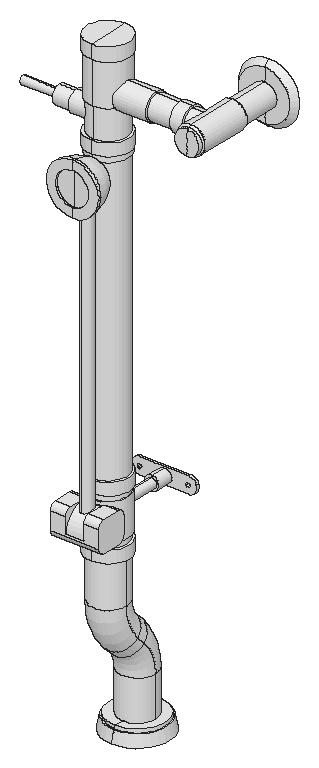
Revit family "Bedpan_Washer-American_Standard-Straight-6047.861_6047.821", category Plumbing Fixtures, Revit 2014
Parameters (values of type "6047.821.002")
  Width = 1 1/2"
  Waste Connection = no
  Warranty Information = "1 Year Limited Warranty"
  WFU = 0
  Vent Connection = no
  URL = "http://www.americanstandard-us.com/"
  Revised Date = "01/18/2017"
  Product Page URL = "https://www.americanstandard-us.com/bathroom/commercial-flushometers/bedpan-washer-kit-with-offset-down-tube-128-gpf-23087"
  Product Documentation Link = "https://www.americanstandard-us.com/-/media/sites/asus/files/product-specs/bulk/specsheet6047821.pdf?la=en"
  Price = "Prices may vary. Please consult Manufacturer Representative for most up-to-date price list."  # constant formula
  Model = "6047.821.002"
  Material = "Metal-American Standard-002-Polished Chrome"
  Manufacturer = "American Standard"
  Length = 3"
  Installation Type = "Surface Mounted"
  Height = 26 3/8"
  HWFU = 0
  HW Connection = no
  Flush Rate = "1.28 gpf"
  Description = "Bedpan Washer Diverted Assembly Kit Offset."
  Default Elevation = 0"
  Creation Date = "16/04/2014"
  Cold Water Connection Width = 4 1/4"
  Cold Water Connection Radius = 1/2"
  Cold Water Connection Height = 24 3/8"
  Cold Water Connection Diameter = Cold Water Connection Radius * 2  # 1"
  CWFU = 10
  CW Connection = yes
Types (3): name | Product Page URL | Product Documentation Link | Model | Flush Rate
  (no name) | "https://www.americanstandard-us.com/bathroom/commercial-flushometers/bedpan-washer-kit-with-offset-down-tube-128-gpf-23087" | "https://www.americanstandard-us.com/-/media/sites/asus/files/product-specs/bulk/specsheet6047821.pdf?la=en" | "6047.821.002" | "1.28 gpf"
  6047.821.002 | "https://www.americanstandard-us.com/bathroom/commercial-flushometers/bedpan-washer-kit-with-offset-down-tube-128-gpf-23087" | "https://www.americanstandard-us.com/-/media/sites/asus/files/product-specs/bulk/specsheet6047821.pdf?la=en" | "6047.821.002" | "1.28 gpf"
  6047.861.002 | "https://www.americanstandard-us.com/bathroom/commercial-flushometers/bedpan-washer-kit-with-offset-down-tube-16-gpf-23083" | "https://www.americanstandard-us.com/-/media/sites/asus/files/product-specs/bulk/specsheet6047861.pdf?la=en" | "6047.861.002" | "1.6 gpf"
Reference planes (in)
  plane 1 "Center (Front/Back)": y = 0
  plane 2: z = 0
  plane 3 "Center (Left/Right)": x = 0
  plane 4: z = 8.75
  plane 5: z = 22.8125
  plane 6: z = 21.4375
  plane 7: z = 24.375
  plane 8: z = 26.375
  plane 9: x = 4.25
  plane 10: y = 3
  plane 11: y = -0.75
  plane 12: y = 0.75
  plane 13: x = 3
  plane 14: x = 3.5
  plane 15: x = 2
  plane 16: y = 1.11477
  plane 17: y = -1.25
  plane 18: y = -1.0245
  plane 19: y = -1.10054
  plane 20: y = 1.19081
  plane 21: y = 2.89526
  plane 22: z = 8.46389
  plane 23: y = 1.5
  plane 24: y = 2.8125
  plane 25: y = 2.64409
  plane 26: y = 2.72568
Forms (in)
  Revolve 1, solid, material "Metal-American Standard-002-Polished Chrome"
    sketch origin (0, 8.125, 0) x (0, 1, 0) y (0, 0, 1)
      loop
        line (-9.21875, 8.43821) -> (-8.96875, 8.43821) -> (-8.96875, 21.4375) -> (-9.21875, 21.4375) -> (-9.21875, 8.43821)
      axis (-9.21875, 8.43821) -> (-9.21875, 21.4375)
    angle from 0 to 360
  Extrusion 2, solid, material "Metal-American Standard-002-Polished Chrome"
    sketch origin (-1, 8.125, 0) x (0, 1, 0) y (0, 0, 1)
      loop
        line (-8.59375, 8.375) -> (-8.59375, 9.125)
        arc (-8.59375, 9.125) -> (-8.66697, 9.30178) -> (-8.84375, 9.375) r 0.25
        line (-8.84375, 9.375) -> (-9.59375, 9.375)
        arc (-9.59375, 9.375) -> (-9.77053, 9.30178) -> (-9.84375, 9.125) r 0.25
        line (-9.84375, 9.125) -> (-9.84375, 8.375)
        arc (-9.84375, 8.375) -> (-9.77053, 8.19822) -> (-9.59375, 8.125) r 0.25
        line (-9.59375, 8.125) -> (-8.84375, 8.125)
        arc (-8.84375, 8.125) -> (-8.66697, 8.19822) -> (-8.59375, 8.375) r 0.25
    from 0 to 2
  Revolve 3, solid, material "Metal-American Standard-002-Polished Chrome"
    sketch origin (0, 8.125, 0) x (0, 1, 0) y (0, 0, 1)
      loop
        line (-8.96875, 21.4375) -> (-8.96875, 22.1875)
        arc (-8.96875, 22.1875) -> (-9.39804, 22.38171) -> (-9.85173, 22.50888) r 3.11198
        line (-9.85173, 22.50888) -> (-9.97673, 22.50888) -> (-9.97673, 22.12833) -> (-9.90571, 22.12833) -> (-9.90571, 21.4375) -> (-8.96875, 21.4375)
      axis (-9.97673, 21.4375) -> (-8.96875, 21.4375)
    angle from 0 to 360
  Extrusion 4, void
    sketch origin (-0.375, 8.125, 0) x (0, 1, 0) y (0, 0, 1)
      loop
        line (-8.96875, 9.375) -> (-9.59375, 9.375)
        arc (-9.59375, 9.375) -> (-9.77053, 9.30178) -> (-9.84375, 9.125) r 0.25
        line (-9.84375, 9.125) -> (-9.84375, 8.5)
        arc (-9.84375, 8.5) -> (-9.58747, 9.11872) -> (-8.96875, 9.375) r 0.875
    from 0 to 0.75
  Revolve 5, solid, material "Metal-American Standard-002-Polished Chrome"
    sketch origin (0, 0, -0.11719) x (1, 0, 0) y (0, 0, 1)
      loop
        line (0, 23.5625) -> (0, 24) -> (-1.29053, 24) -> (-1.29053, 23.9375) -> (-2, 23.9375) -> (-2, 23.76563) -> (-2.02532, 23.71133) -> (-3.5, 23.73707) -> (-3.5, 23.5625) -> (0, 23.5625)
      axis (-3.5, 23.5625) -> (0, 23.5625)
    angle from 0 to 360
  Revolve 6, solid, material "Metal-American Standard-002-Polished Chrome"
    sketch origin (0, 0, 0) x (1, 0, 0) y (0, 0, 1)
      loop
        line (0, 24.375) -> (0, 23.8125) -> (2, 23.8125) -> (2, 23.875) -> (3, 23.875) -> (3, 23.8125) -> (3.5, 23.8125) -> (3.5, 23.875) -> (4.25, 23.875) -> (4.25, 24.375) -> (0, 24.375)
      axis (0, 24.375) -> (4.25, 24.375)
    angle from 0 to 360
  Revolve 7, solid, material "Metal-American Standard-002-Polished Chrome"
    sketch origin (4.25, -180, 25.625) x (0, 0, 1) y (0, -1, 0)
      loop
        line (-1.25, -178.75) -> (-1.25, -183) -> (0, -183) -> (-0.20245, -182.75) -> (-0.75, -182.75) -> (-0.75, -181.19081) -> (-0.67396, -181.11477) -> (-0.67396, -178.9755) -> (-0.75, -178.89946) -> (-0.75, -178.75) -> (-1.25, -178.75)
      axis (-1.25, -178.75) -> (-1.25, -183)
    angle from 0 to 360
  Revolve 8, solid, material "Metal-American Standard-002-Polished Chrome"
    sketch origin (0, 8.125, 0) x (0, 1, 0) y (0, 0, 1)
      loop
        line (-7.375, 8) -> (-7.3125, 8) -> (-7.3125, 9.5) -> (-7.375, 9.5) -> (-7.375, 9.75) -> (-7.25, 9.75) -> (-7.25, 10.25) -> (-7.375, 10.25) -> (-7.375, 22.0625) -> (-7.3125, 22.0625) -> (-7.3125, 22.3125) -> (-7.25, 22.3125) -> (-7.25, 22.8125) -> (-7.375, 22.8125) -> (-7.375, 24.0625) -> (-7.3125, 24.0625) -> (-7.3125, 25.8125) -> (-7.25, 25.8125) -> (-7.25, 26.375) -> (-8.125, 26.375) -> (-8.125, 7.25) -> (-7.25, 7.25) -> (-7.25, 7.75) -> (-7.375, 7.75) -> (-7.375, 8)
      axis (-8.125, 26.375) -> (-8.125, 7.25)
    angle from 0 to 360
  Revolve 9, solid, material "Metal-American Standard-002-Polished Chrome"
    sketch origin (0, -180, 25.625) x (0, 0, 1) y (0, -1, 0)
      loop
        line (-16.875, -183) -> (-16.875, -180) -> (-17.06278, -180) -> (-17.06278, -182.25) -> (-17.16111, -182.25) -> (-17.16111, -183) -> (-16.875, -183)
      axis (-16.875, -180) -> (-16.875, -183)
    angle from 0 to 360
  Extrusion 10, solid, material "Metal-American Standard-002-Polished Chrome"
    sketch origin (0, 0, 0) x (1, 0, 0) y (0, 0, 1)
      loop
        arc (-1, 9.09117) -> (-1.34117, 8.75) -> (-1, 8.40883) r 0.34117
        line (-1, 8.40883) -> (1, 8.40883)
        arc (1, 8.40883) -> (1.34117, 8.75) -> (1, 9.09117) r 0.34117
        line (1, 9.09117) -> (-1, 9.09117)
      loop
        circle (1, 8.75) r 0.09375
      loop
        circle (-1, 8.75) r 0.09375
    from -3 to -2.89526
  Revolve 11, solid, material "Metal-American Standard-002-Polished Chrome"
    sketch origin (0, -180, 25.625) x (0, 0, 1) y (0, -1, 0)
      loop
        line (-25.625, -181.5) -> (-25.625, -182.8125) -> (-25.1326, -182.72568) -> (-25.1326, -182.64409) -> (-25.0076, -182.64409) -> (-25.0076, -181.5) -> (-25.625, -181.5)
      axis (-25.0076, -181.5) -> (-25.625, -181.5)
    angle from 0 to 360
  Sweep 12, solid, material "Metal-American Standard-002-Polished Chrome"
    path origin (0, -180, 25.625) x (0, 0, 1) y (0, -1, 0)
      loop
        line (-18.375, -180) -> (-20.17917, -180)
        arc (-20.17917, -180) -> (-20.94454, -180.15224) -> (-21.59338, -180.58579) r 2
        line (-21.59338, -180.58579) -> (-21.92181, -180.91421)
        arc (-21.92181, -180.91421) -> (-22.57066, -181.34776) -> (-23.33602, -181.5) r 2
        line (-23.33602, -181.5) -> (-25.0076, -181.5)
    profile origin (0, 0, 6.34792) x (1, 0, 0) y (0, 1, 0)
      loop
        circle (0, 0) r 0.75
Cuts and joins
  Extrusion 4 cuts Extrusion 2
  joined: Revolve 1, Extrusion 2, Revolve 3, Revolve 5, Revolve 6, Revolve 7, Revolve 8, Revolve 9, Revolve 11, Sweep 12
Lines and regions (in)
  Masking region 1
    outline origin (0, 0, 0) x (1, 0, 0) y (0, 1, 0)
      loop
        line (-1.07148, -1.85173) -> (1.07148, -1.85173) -> (1.07148, -1.72673)
        arc (1.07148, -1.72673) -> (1.03939, -1.58051) -> (1, -1.43608) r 2.98195
        line (1, -1.43608) -> (1, -0.5625) -> (2, -0.5625) -> (2, -0.4999) -> (3, -0.4999) -> (3, -0.5625) -> (3.5, -0.5625) -> (3.5, -0.4999) -> (3.67396, -0.4999) -> (3.67396, -1.0245) -> (3.75, -1.10054) -> (3.75, -1.25) -> (4.75, -1.25) -> (4.75, -1.10054) -> (4.82604, -1.0245) -> (4.82604, 1.11477) -> (4.75, 1.19081) -> (4.75, 2.75) -> (5.29755, 2.75) -> (5.5, 3) -> (3, 3) -> (3.20245, 2.75) -> (3.75, 2.75) -> (3.75, 1.19081) -> (3.67396, 1.11477) -> (3.67396, 0.5) -> (3.5, 0.5) -> (3.5, 0.5625) -> (3, 0.5625) -> (3, 0.5) -> (2, 0.5) -> (2, 0.5625) -> (0.91856, 0.5625)
        arc (0.91856, 0.5625) -> (1.26221, 1.85984) -> (0.28611, 2.78094) r 1.3125
        arc (0.28611, 2.78094) -> (-1.19649, 2.0395) -> (-0.77055, 0.4375) r 1.3125
        line (-0.77055, 0.4375) -> (-1.29053, 0.4375) -> (-1.29053, 0.375) -> (-2, 0.375) -> (-2, 0.20312) -> (-2.02532, 0.14883)
        arc (-2.02532, 0.14883) -> (-2.76269, 0.16014) -> (-3.5, 0.17457) r 175.10878
        line (-3.5, 0.17457) -> (-3.5, -0.17457)
        arc (-3.5, -0.17457) -> (-2.76263, -0.16329) -> (-2.02532, -0.14883) r 170.58581
        line (-2.02532, -0.14883) -> (-2, -0.20313) -> (-2, -0.375) -> (-1.29053, -0.375) -> (-1.29053, -0.4375) -> (-1, -0.4375) -> (-1, -1.43608)
        arc (-1, -1.43608) -> (-1.03939, -1.58051) -> (-1.07148, -1.72673) r 2.98195
        line (-1.07148, -1.72673) -> (-1.07148, -1.85173)
  Masking region 2
    outline origin (0, 0, 0) x (1, 0, 0) y (0, 1, 0)
      loop
        line (1.34117, 3) -> (-1.34117, 3) -> (-1.34117, 2.89526) -> (-0.28611, 2.89526) -> (-0.28611, 2.25) -> (-0.18849, 2.25) -> (-0.18849, 0.85446)
        arc (-0.18849, 0.85446) -> (0, 0.875) -> (0.18849, 0.85446) r 0.875
        line (0.18849, 0.85446) -> (0.18849, 2.25) -> (0.28611, 2.25) -> (0.28611, 2.89526) -> (1.34117, 2.89526) -> (1.34117, 3)
  symbolic lines, detail levels medium+fine
    curve 1: line (-1.29053, 0.375, 0) -> (-1.29053, -0.375, 0)
    curve 2: line (-2, 0.20312, 0) -> (-2, -0.20313, 0)
    curve 3: line (2, -0.5, 0) -> (2, 0.5, 0)
    curve 4: circle (0, 0, 0) r 0.875 normal (0, 0, 1)
    curve 5: arc (-1, -1.45094, 0) -> (-0.89282, -1.14001, 0) -> (-0.75, -0.84375, 0) r 2.8068
    curve 6: line (-0.75, -0.84375, 0) -> (-0.23176, -0.84375, 0)
    curve 7: line (0.75, -0.84375, 0) -> (0.23176, -0.84375, 0)
    curve 8: arc (0.75, -0.84375, 0) -> (0.89195, -1.1364, 0) -> (1, -1.44318, 0) r 2.88101
    curve 10: line (1.18585, 0.5625, 0) -> (0.67024, 0.5625, 0)
    curve 11: line (1.18585, -0.5625, 0) -> (0.67024, -0.5625, 0)
    curve 12: line (-1.23744, -0.4375, 0) -> (-0.75777, -0.4375, 0)
    curve 13: line (-1.23744, 0.4375, 0) -> (-0.75777, 0.4375, 0)
    curve 18: arc (0.75, 1.5, 0) -> (0.59301, 1.95917, 0) -> (0.18778, 2.22611, 0) r 0.75
    curve 19: arc (-0.75, 1.5, 0) -> (-0.59301, 1.95917, 0) -> (-0.18778, 2.22611, 0) r 0.75
    curve 20: line (-0.75, 1.5, 0) -> (-0.75, 0.45069, 0)
    curve 21: line (0.75, 1.5, 0) -> (0.75, 0.5625, 0)
    curve 28: line (0.18849, 2.25, 0) -> (-0.18849, 2.25, 0)
    curve 29: line (-0.28611, 2.89526, 0) -> (0.28611, 2.89526, 0)
    curve 30: line (3, -0.4999, 0) -> (3, 0.5, 0)
    curve 31: line (3.5, -0.4999, 0) -> (3.5, 0.5, 0)
    curve 32: line (3.75, 2.75, 0) -> (4.75, 2.75, 0)
  symbolic lines, detail levels fine
    curve 9: line (1.07248, -1.72673, 0) -> (-1.07121, -1.72673, 0)
    curve 14: line (-2.02532, 0.14883, 0) -> (-2.02532, -0.14883, 0)
    curve 15: line (-1, -0.46875, 0) -> (-0.73885, -0.46875, 0)
    curve 16: line (-1, -0.46875, 0) -> (-1, -0.85009, 0)
    curve 17: line (1, -0.8533, 0) -> (1, -0.5625, 0)
    curve 22: arc (0.75, 0.63603, 0) -> (1.11368, 1.76202, 0) -> (0.28611, 2.60774, 0) r 1.14409
    curve 23: arc (-0.75, 0.53058, 0) -> (-1.19905, 1.75408, 0) -> (-0.29235, 2.6903, 0) r 1.22568
    curve 24: arc (-0.28611, 2.60774, 0) -> (-1.11368, 1.76202, 0) -> (-0.75, 0.63603, 0) r 1.14409
    curve 25: arc (0.28611, 2.60774, 0) -> (0, 2.64409, 0) -> (-0.28611, 2.60774, 0) r 1.14409
    curve 26: arc (-0.29235, 2.6903, 0) -> (-0.00321, 2.72567, 0) -> (0.28611, 2.69181, 0) r 1.22568
    curve 27: arc (0.28611, 2.69181, 0) -> (1.19279, 1.78201, 0) -> (0.78954, 0.5625, 0) r 1.22568
    curve 33: line (4.82604, 1.11477, 0) -> (3.67396, 1.11477, 0)
    curve 34: line (4.75, 1.19081, 0) -> (3.75, 1.19081, 0)
    curve 35: line (4.82604, -1.0245, 0) -> (3.67396, -1.0245, 0)
    curve 36: line (3.75, -1.10054, 0) -> (4.75, -1.10054, 0)
Dimensions and locks (in)
  plane 4 to plane 2 = 8 3/4"
  plane 5 to plane 4 = 14 1/16"
  "Cold Water Connection Height": plane 7 to plane 2
  "Height": plane 8 to plane 2
  "Cold Water Connection Width": plane 9 to plane 3 "Center (Left/Right)"
  plane 6 to plane 4 = 12 11/16"
  "Width": plane 12 to plane 11
  plane 9 to plane 14 to plane 13 = 3/4" locked, 1/2" locked
  locked: plane 15 to plane 3 "Center (Left/Right)" at 2
  "Length": plane 10 to plane 1 "Center (Front/Back)"
  plane 20 to plane 16 to plane 1 "Center (Front/Back)" to plane 18 to plane 19 to plane 17 = 0.07604" locked, 1.11477" locked, 1.0245" locked, 0.07604" locked, 0.14946" locked
  locked: plane 10 to plane 21 at 0.10474
  plane 23 to plane 1 "Center (Front/Back)" = 1 1/2"
  plane 24 to plane 26 to plane 25 to plane 23 = 0.08682" locked, 0.08159" locked, 1.14409" locked
  aligned and locked: Revolve 7 sketch curve to plane 7
  aligned and locked: plane 13 to Revolve 6 sketch curve
  aligned and locked: Revolve 6 sketch curve to plane 14
  aligned and locked: Revolve 6 sketch curve to plane 15
  aligned and locked: plane 3 "Center (Left/Right)" to Revolve 6 sketch curve
  aligned and locked: plane 17 to Revolve 7 sketch curve
  aligned and locked: plane 16 to Revolve 7 sketch curve
  aligned and locked: plane 20 to Revolve 7 sketch curve
  aligned and locked: plane 18 to Revolve 7 sketch curve
  aligned and locked: plane 19 to Revolve 7 sketch curve
  aligned and locked: plane 10 to Extrusion 10
  aligned and locked: Extrusion 10 to plane 21
  aligned and locked: Revolve 9 sketch curve to plane 1 "Center (Front/Back)"
  aligned and locked: plane 22 to Revolve 9 sketch curve
  aligned and locked: plane 10 to Revolve 9 sketch curve
  aligned and locked: Masking region 1 sketch curve to Revolve 3
  aligned and locked: Revolve 5 to Masking region 1 sketch curve  (x2)
  aligned and locked: Masking region 1 sketch curve to Revolve 5  (x3)
  aligned and locked: Revolve 6 to Masking region 1 sketch curve  (x2)
  aligned and locked: Masking region 1 sketch curve to Revolve 7  (x3)
  aligned and locked: Masking region 1 sketch curve to Revolve 6  (x3)
  aligned and locked: Revolve 7 to Masking region 1 sketch curve
  aligned and locked: Revolve 5 to curve 1
  aligned and locked: Revolve 5 to curve 2
  aligned and locked: curve 3 to Revolve 6
  aligned and locked: curve 4 to cut or joined group 1 (Revolve 1, Extrusion 2, Revolve 3, Extrusion 4, Revolve 5, Revolve 6, Revolve 7, Revolve 8, Revolve 9, Revolve 11, Sweep 12)
  aligned and locked: Masking region 1 sketch curve to cut or joined group 1  (x2)
  aligned and locked: curve 18 to cut or joined group 1
  aligned and locked: curve 22 to cut or joined group 1
  aligned and locked: curve 23 to cut or joined group 1
  aligned and locked: Revolve 11 sketch curve to plane 25
  aligned and locked: plane 26 to Revolve 11 sketch curve
  aligned and locked: plane 24 to Revolve 11 sketch curve
  aligned and locked: cut or joined group 1 to curve 28
  aligned and locked: Extrusion 10 to curve 29
  aligned and locked: curve 30 to Revolve 6
  aligned and locked: curve 31 to Revolve 6
  aligned and locked: curve 32 to Revolve 7
  aligned and locked: Masking region 2 sketch curve to Masking region 2 sketch curve
Automatic sketch dimensions
  Revolve 1 sketch curve to plane 6 = 0"
  plane 11 to Revolve 1 sketch curve = 11/32"
  plane 11 to Revolve 1 sketch curve = 3/32"
  Revolve 1 sketch curve to plane 4 = 0.31179"
  Revolve 1 sketch curve to Revolve 1 sketch curve = 0"
  plane 6 to Revolve 1 sketch curve = 1/4"
  Revolve 1 sketch curve to Revolve 1 sketch curve = 0.35905"
  Extrusion 2 sketch curve to plane 4 = 3/8"
  plane 11 to Extrusion 2 sketch curve = 31/32"
  Extrusion 2 sketch curve to Extrusion 2 sketch curve = 1/4"  (x3)
  Extrusion 2 sketch curve to plane 11 = 1/32"  (x2)
  plane 4 to Extrusion 2 sketch curve = 3/8"
  Revolve 3 sketch curve to plane 6 = 0"  (x2)
  plane 11 to Revolve 3 sketch curve = 1.5874"
  plane 11 to Revolve 3 sketch curve = 1.10173"
  Revolve 3 sketch curve to Revolve 3 sketch curve = 0.07102"
  Revolve 3 sketch curve to Revolve 3 sketch curve = 1/8"
  plane 11 to Revolve 3 sketch curve = 3/32"
  Revolve 3 sketch curve to plane 6 = 1.9801"
  Revolve 3 sketch curve to plane 5 = 0.68417"
  Revolve 3 sketch curve to plane 5 = 5/8"
  Revolve 3 sketch curve to plane 11 = 0.08759"
  Revolve 3 sketch curve to Revolve 3 sketch curve = 1/4"
  plane 4 to Extrusion 4 sketch curve = 3/8"
  plane 11 to Extrusion 4 sketch curve = 31/32"
  Extrusion 4 sketch curve to Extrusion 4 sketch curve = 1/4"
  plane 11 to Extrusion 4 sketch curve = 3/32"
  Extrusion 4 sketch curve to plane 4 = 1/4"
  Extrusion 4 sketch curve to Extrusion 4 sketch curve = 0"  (x3)
  Revolve 5 sketch curve to plane 3 "Center (Left/Right)" = 0"
  Revolve 5 sketch curve to plane 7 = 71/128"
  Revolve 5 sketch curve to plane 3 "Center (Left/Right)" = 1.29053"
  Revolve 5 sketch curve to plane 7 = 93/128"
  Revolve 5 sketch curve to Revolve 5 sketch curve = 0.70947"
  Revolve 5 sketch curve to plane 7 = 0.78086"
  Revolve 5 sketch curve to Revolve 5 sketch curve = 0.02532"
  Revolve 5 sketch curve to Revolve 5 sketch curve = 1.47468"
  plane 5 to Revolve 5 sketch curve = 81/128"
  Revolve 5 sketch curve to Revolve 5 sketch curve = 0.17457"
  Revolve 5 sketch curve to Revolve 5 sketch curve = 1/16"
  plane 3 "Center (Left/Right)" to Revolve 5 sketch curve = 0.13236"
  Revolve 5 sketch curve to Revolve 5 sketch curve = 0.84457"
  Revolve 5 sketch curve to Revolve 5 sketch curve = 0"
  Revolve 6 sketch curve to plane 9 = 0"
  Revolve 6 sketch curve to plane 7 = 0"  (x2)
  Revolve 6 sketch curve to plane 7 = 1/2"
  Revolve 6 sketch curve to Revolve 6 sketch curve = 1/2"
  Revolve 6 sketch curve to Revolve 6 sketch curve = 1/16"
  Revolve 6 sketch curve to Revolve 6 sketch curve = 9/16"
  Revolve 6 sketch curve to Revolve 6 sketch curve = 0.3017"
  Revolve 6 sketch curve to Revolve 6 sketch curve = 0.20826"
  Revolve 8 sketch curve to plane 1 "Center (Front/Back)" = 0"  (x2)
  Revolve 8 sketch curve to plane 12 = 0"  (x4)
  Revolve 8 sketch curve to plane 5 = 0"
  Revolve 8 sketch curve to plane 8 = 0"
  Revolve 8 sketch curve to Revolve 8 sketch curve = 1/16"  (x3)
  plane 12 to Revolve 8 sketch curve = 1/16"
  Revolve 8 sketch curve to Revolve 8 sketch curve = 1/8"  (x2)
  plane 12 to Revolve 8 sketch curve = 1/8"
  Revolve 8 sketch curve to plane 5 = 1/2"
  Revolve 8 sketch curve to Revolve 8 sketch curve = 1/4"  (x4)
  plane 4 to Revolve 8 sketch curve = 1 1/2"
  Revolve 8 sketch curve to Revolve 8 sketch curve = 1/2"  (x2)
  Revolve 8 sketch curve to plane 4 = 3/4"
  Revolve 8 sketch curve to plane 7 = 5/16"
  Revolve 8 sketch curve to plane 8 = 9/16"
  Revolve 8 sketch curve to Revolve 8 sketch curve = 1 1/4"
  Extrusion 10 sketch curve to Extrusion 10 sketch curve = 0"  (x4)
  Extrusion 10 sketch curve to plane 4 = 0"
  plane 4 to Extrusion 10 sketch curve = 0.34117"
  Extrusion 10 sketch curve to plane 3 "Center (Left/Right)" = 1"
  plane 3 "Center (Left/Right)" to Extrusion 10 sketch curve = 1"
  Sweep 12 sketch curve to plane 23 = 0"
  Sweep 12 sketch curve to plane 1 "Center (Front/Back)" = 0"
  level to Sweep 12 sketch curve = 2.28898"
  plane 12 to Sweep 12 sketch curve = 0.16421"
  Sweep 12 sketch curve to Sweep 12 sketch curve = 1.41421"
  Sweep 12 sketch curve to plane 12 = 0.16421"
  Sweep 12 sketch curve to Sweep 12 sketch curve = 0.32843"
  plane 23 to Sweep 12 sketch curve = 1/2"
  level to Sweep 12 sketch curve = 0.6174"
  Sweep 12 sketch curve to plane 4 = 1 1/2"
  profile plane to Sweep 12 sketch curve = 0"
  Sweep 12 sketch curve to profile plane = 0"
  Revolve 7 sketch curve to plane 7 = 0"
  Revolve 7 sketch curve to plane 10 = 0"
  plane 7 to Revolve 7 sketch curve = 1/2"  (x2)
  Revolve 7 sketch curve to Revolve 7 sketch curve = 0.07604"
  Revolve 7 sketch curve to plane 21 = 0.14526"
  Revolve 7 sketch curve to Revolve 7 sketch curve = 0.54755"
  Revolve 7 sketch curve to Revolve 7 sketch curve = 0.20245"
  Revolve 7 sketch curve to Revolve 7 sketch curve = 1/4"
  Revolve 7 sketch curve to Revolve 7 sketch curve = 0.32308"
  Revolve 9 sketch curve to plane 4 = 0"  (x2)
  Revolve 9 sketch curve to plane 10 = 0"
  Revolve 9 sketch curve to plane 22 = 0.09833"
  Revolve 9 sketch curve to plane 21 = 0.64526"
  plane 10 to Revolve 9 sketch curve = 2 1/4"
  Revolve 11 sketch curve to plane 23 = 0"  (x2)
  Revolve 11 sketch curve to level = 0"
  level to Revolve 11 sketch curve = 0.4924"
  Revolve 11 sketch curve to Revolve 11 sketch curve = 1/8"
  Revolve 11 sketch curve to Revolve 11 sketch curve = 1/2"
  Revolve 11 sketch curve to Revolve 11 sketch curve = 0.1326"
  Masking region 1 sketch curve to plane 3 "Center (Left/Right)" = 5.73976"
  plane 1 "Center (Front/Back)" to Masking region 1 sketch curve = 0.14883"
  Masking region 1 sketch curve to Masking region 1 sketch curve = 0.02532"  (x2)
  Masking region 1 sketch curve to plane 1 "Center (Front/Back)" = 0.14883"
  Masking region 1 sketch curve to Masking region 1 sketch curve = 0.85627"
  Masking region 1 sketch curve to Masking region 1 sketch curve = 0.07148"  (x2)
  Masking region 1 sketch curve to plane 12 = 5/16"
  plane 3 "Center (Left/Right)" to Masking region 1 sketch curve = 0.29338"
  Masking region 1 sketch curve to plane 12 = 3/16"
  Masking region 1 sketch curve to plane 11 = 3/16"  (x2)
  plane 3 "Center (Left/Right)" to Masking region 1 sketch curve = 1"
  Masking region 1 sketch curve to Masking region 1 sketch curve = 0.78479"
  Masking region 1 sketch curve to plane 12 = 1/4"  (x2)
  Masking region 1 sketch curve to Masking region 1 sketch curve = 0"
  Masking region 1 sketch curve to plane 9 = 1 1/4"
  Masking region 1 sketch curve to Masking region 1 sketch curve = 0.20245"  (x2)
  Masking region 1 sketch curve to plane 9 = 0.57604"
  Masking region 1 sketch curve to Masking region 1 sketch curve = 0.17396"
  Masking region 1 sketch curve to plane 9 = 1/2"
  Masking region 1 sketch curve to Masking region 1 sketch curve = 0.07604"  (x6)
  plane 9 to Masking region 1 sketch curve = 1/2"  (x2)
  Masking region 1 sketch curve to Masking region 1 sketch curve = 0.54755"
  Masking region 1 sketch curve to Masking region 1 sketch curve = 0.44095"  (x2)
  Masking region 1 sketch curve to Masking region 1 sketch curve = 1/8"  (x2)
  Masking region 1 sketch curve to Masking region 1 sketch curve = 0.14946"  (x2)
  Masking region 1 sketch curve to Masking region 1 sketch curve = 0.0626"  (x2)
  Masking region 1 sketch curve to plane 11 = 5/16"
  Masking region 1 sketch curve to Masking region 1 sketch curve = 1/16"  (x2)
  Masking region 1 sketch curve to Masking region 1 sketch curve = 0.0543"  (x2)
  plane 1 "Center (Front/Back)" to Masking region 1 sketch curve = 0.17457"
  Masking region 1 sketch curve to plane 1 "Center (Front/Back)" = 0.17457"
  Masking region 1 sketch curve to Masking region 1 sketch curve = 11/64"
  plane 12 to Masking region 1 sketch curve = 0.36477"  (x2)
  plane 3 "Center (Left/Right)" to Masking region 1 sketch curve = 0.28611"
  curve 18 to curve 19 = 0"  (x2)
  curve 18 to curve 24 = 0"  (x2)
  curve 18 to curve 25 = 0"  (x2)
  curve 18 to curve 26 = 0"  (x2)
  curve 18 to curve 27 = 0"  (x2)
  curve 8 to plane 3 "Center (Left/Right)" = 1.76708"
  curve 1 to curve 16 = 0.29053"
  curve 20 to plane 3 "Center (Left/Right)" = 3/4"
  curve 16 to curve 6 = 1/4"
  plane 3 "Center (Left/Right)" to curve 7 = 3/4"
  curve 7 to curve 5 = 0.9526"
  curve 16 to plane 11 = 9/32"
  curve 6 to curve 15 = 3/8"
  plane 1 "Center (Front/Back)" to curve 7 = 27/32"
  plane 11 to curve 5 = 1.45863"
  plane 11 to curve 8 = 1.49538"
  curve 14 to curve 2 = 0.02532"
  curve 1 to curve 12 = 0.0531"
  curve 1 to curve 13 = 0.0531"
  curve 8 to curve 9 = 0.69587"
  curve 9 to curve 5 = 0.07121"
  curve 13 to curve 20 = 0.00777"
  curve 12 to curve 15 = 0.01892"
  curve 23 to plane 3 "Center (Left/Right)" = 0.29235"
  curve 26 to curve 25 = 0.00624"
  curve 29 to plane 3 "Center (Left/Right)" = 0.28611"
  curve 28 to plane 3 "Center (Left/Right)" = 0.18849"
  curve 19 to plane 3 "Center (Left/Right)" = 0.18778"
  plane 3 "Center (Left/Right)" to curve 18 = 0.18778"
  plane 3 "Center (Left/Right)" to curve 28 = 0.18849"
  plane 3 "Center (Left/Right)" to curve 27 = 0.28611"
  curve 25 to curve 26 = 0"
  plane 3 "Center (Left/Right)" to curve 29 = 0.28611"
  curve 10 to curve 21 = 0.07976"
  curve 11 to plane 11 = 3/16"
  curve 11 to curve 17 = 0.32976"
  curve 8 to curve 17 = 0"
  curve 8 to curve 9 = 0.07248"
  curve 27 to curve 10 = 0.39631"
  curve 17 to curve 11 = 0.18585"
  curve 33 to plane 9 = 0.57604"
  plane 11 to curve 35 = 0.2745"
  curve 31 to curve 35 = 0.17396"
  curve 32 to plane 9 = 1/2"
  curve 33 to curve 34 = 0.07604"  (x2)
  curve 35 to curve 36 = 0.07604"
  plane 9 to curve 34 = 1/2"
  plane 9 to curve 32 = 1/2"
  plane 9 to curve 36 = 1/2"
  curve 34 to curve 33 = 0.07604"
  curve 36 to curve 35 = 0.07604"  (x2)
  plane 1 "Center (Front/Back)" to curve 14 = 0.14883"
  curve 2 to curve 14 = 0.0543"
  curve 12 to curve 1 = 1/16"
  curve 30 to plane 11 = 0.2501"
  curve 31 to plane 11 = 0.2501"
  curve 3 to plane 11 = 1/4"
  plane 11 to curve 16 = 0.10009"
  plane 11 to curve 17 = 0.1033"
  curve 9 to curve 8 = 0.28355"
  curve 14 to plane 1 "Center (Front/Back)" = 0.14883"
  curve 14 to curve 2 = 0.0543"
  curve 1 to curve 13 = 1/16"
  curve 3 to plane 12 = 1/4"
  curve 31 to plane 12 = 1/4"
  curve 30 to plane 12 = 1/4"
  plane 12 to curve 33 = 0.36477"
  Masking region 1 sketch curve to plane 3 "Center (Left/Right)" = 1.85627"
  Masking region 2 sketch curve to plane 10 = 0"
  Masking region 2 sketch curve to plane 21 = 0"
  plane 1 "Center (Front/Back)" to Masking region 2 sketch curve = 0"
  Masking region 2 sketch curve to plane 3 "Center (Left/Right)" = 0"
  Masking region 2 sketch curve to plane 3 "Center (Left/Right)" = 0.18849"
  Masking region 2 sketch curve to Masking region 2 sketch curve = 0.09763"  (x2)
  Masking region 2 sketch curve to Masking region 2 sketch curve = 1.05506"  (x2)
  plane 3 "Center (Left/Right)" to Masking region 2 sketch curve = 0.18849"
  plane 12 to Masking region 2 sketch curve = 0.10446"
  Masking region 2 sketch curve to Masking region 2 sketch curve = 0.64526"
  Masking region 2 sketch curve to Masking region 2 sketch curve = 0"
  radius of Extrusion 10 sketch curve = 3/32"  (x2)
  radius of Sweep 12 sketch curve = 3/4"
Connectors (in)
  piping at (4.25, 3, 24.375), diameter 1, driven by "Cold Water Connection Radius", driven by "CWFU"
    settings: on Revolve 7, index 1, connector inside diameter 2", connector length 0", flow factor 0, pipe flow 0 GPM, pressure drop 0.00 psi, fitting loss kfactor 0, connector angle 0.00°, fixture units 10, engagement length 0", angle of deflection 0.00°, flow configuration 3, flow direction 1, fitting loss method 0, system type 20, joint type 0, gender type 0, connector reference index -1, connector utility 0, adjustable connector no, is connector primary yes, connector description "1\" I.P.S Supply Inlet"
